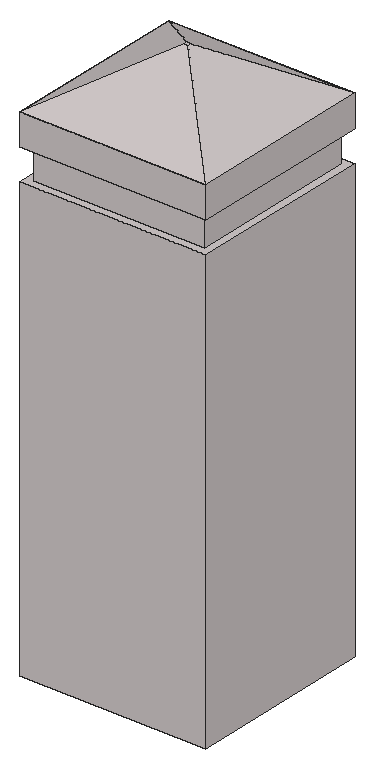
Revit family
Parameters (values of type "300 x 300mm")
  Material = Concrete - Precast Concrete
Reference planes
  plane 1 "Center (Front/Back)": y = 2.4
  plane 2: z = 0
  plane 3 "Center (Left/Right)": x = 2.4
  plane 4: x = 152.4
  plane 5: y = -147.6
  plane 6: y = 152.4
  plane 7: x = -147.6
  plane 8: z = 900
  plane 9: z = 815.181
  plane 10: z = 764.381
  plane 11: z = 713.581
Forms (mm)
  Extrusion 1, solid, material "Concrete - Precast Concrete" <- "Material"
    sketch origin (0, 0, 0) x (1, 0, 0) y (0, 1, 0)
      loop
        line (-147.6, 152.4) -> (-147.6, -147.6) -> (152.4, -147.6) -> (152.4, 152.4) -> (-147.6, 152.4)
    from 0 to 713.581
  Extrusion 2, solid, material "Concrete - Precast Concrete" <- "Material"
    sketch origin (0, 0, 0) x (1, 0, 0) y (0, 1, 0)
      loop
        line (-134.9, 139.7) -> (-134.9, -134.9) -> (139.7, -134.9) -> (139.7, 139.7) -> (-134.9, 139.7)
    from 713.581 to 764.381
  Extrusion 3, solid, material "Concrete - Precast Concrete" <- "Material"
    sketch origin (0, 0, 0) x (1, 0, 0) y (0, 1, 0)
      loop
        line (-147.6, 152.4) -> (-147.6, -147.6) -> (152.4, -147.6) -> (152.4, 152.4) -> (-147.6, 152.4)
    from 764.381 to 815.181
  Blend 4, solid, material "Concrete - Precast Concrete" <- "Material"
    base sketch origin (0, 0, 0) x (1, 0, 0) y (0, 1, 0)
      loop
        line (-147.6, 152.4) -> (-147.6, -147.6) -> (152.4, -147.6) -> (152.4, 152.4) -> (-147.6, 152.4)
    top sketch origin (0, 0, 0) x (1, 0, 0) y (0, 1, 0)
      loop
        line (-0.775, 5.575) -> (-0.775, -0.775) -> (5.575, -0.775) -> (5.575, 5.575) -> (-0.775, 5.575)
    from 815.181 to 900
Lines and regions (mm)
  symbolic lines, style "Site Accessories"
    curve 1: line (-147.6, 152.4, 0) -> (152.4, 152.4, 0)
    curve 2: line (-147.6, -147.6, 0) -> (-147.6, 152.4, 0)
    curve 3: line (152.4, -147.6, 0) -> (-147.6, -147.6, 0)
    curve 4: line (152.4, 152.4, 0) -> (152.4, -147.6, 0)
    curve 5: line (152.4, 152.4, 0) -> (-147.6, -147.6, 0)
    curve 6: line (-147.6, 152.4, 0) -> (152.4, -147.6, 0)
Dimensions and locks
  plane 7 to plane 4 = 300 mm
  plane 5 to plane 6 = 300 mm
  equal spacing: plane 7, plane 3 "Center (Left/Right)", plane 4
  equal spacing: plane 5, plane 1 "Center (Front/Back)", plane 6
  locked: Extrusion 2 sketch curve to plane 5 at 12.7
  locked: Extrusion 2 sketch curve to plane 4 at 12.7
  Extrusion 2 sketch curve to plane 6 = 12.7 mm
  locked: plane 7 to Extrusion 2 sketch curve at 12.7
  plane 8 to plane 2 = 900 mm
  plane 9 to plane 10 = 50.8 mm
  locked: plane 10 to plane 11 at 50.8
  plane 8 to plane 9 = 84.819 mm
  aligned and locked: Extrusion 1 to plane 11
  aligned and locked: Extrusion 2 to plane 10
  aligned and locked: plane 11 to Extrusion 2
  aligned and locked: Extrusion 3 to plane 9
  aligned and locked: plane 10 to Extrusion 3
  aligned and locked: Blend 4 to plane 8
  aligned and locked: plane 9 to Blend 4
